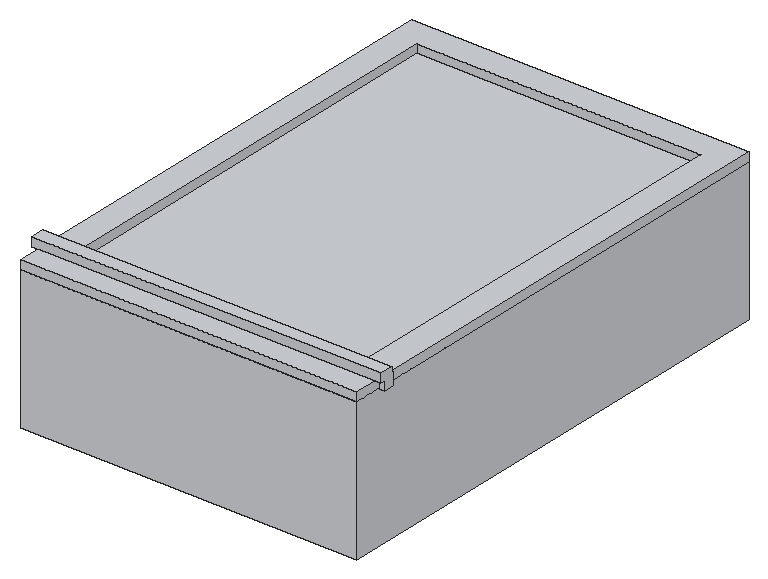
Revit family "719c04ddb7ea4c9bac512da1e5cfa932", category Generic Models, host Face, Revit 2021
Family settings
  Host = Face
  Can host rebar = No
  Round Connector Dimension = Use Diameter
  Part Type = Normal
  Cut with Voids When Loaded = No
  Shared = Yes
  Room Calculation Point = No
Parameters (values of type "with Sill")
  Trim Width = 0' - 2 1/4"
  Trim Thickness_Picture Frame = 0' - 1 1/4"
  Trim Thickness_with Sill = 0' - 0 3/4"
  Trim Material [instance] = none
  Sill Thickness = 0' - 1 1/4"
  Sill = yes
  Picture Frame = no
  Opening Width [instance] = 2' - 0"
  Opening Height [instance] = 3' - 0"
  Default Elevation = 4' - 0"
Types (2): name | Sill | Picture Frame
  with Sill | yes | no
  Picture Frame | no | yes
Reference planes (in)
  plane 1 "Center (Front/Back)": y = 0
  plane 2: z = 0
  plane 3 "Center (Left/Right)": x = 0
  plane 4: y = 2.25
  plane 5 "Left": x = -12
  plane 6 "Right": x = 12
  plane 7 "Bottom": y = -36
  plane 8: y = -37.25
  plane 9: y = -39.12332
  plane 10: x = 14.25
  plane 11: x = -14.25
  plane 12: z = 0.75
  plane 13: z = 1.25
  plane 14: x = 14.75
  plane 15: x = -14.75
  plane 16: y = -36.87332
  plane 17: y = -38.25
  plane 18: z = 0.5
  plane 19: y = -18
  plane 20: z = 1.5
Forms (in)
  Extrusion 1, solid
    sketch origin (0, 0, 0) x (1, 0, 0) y (0, 1, 0)
      loop
        line (-14.25, 2.25) -> (-14.25, -39.12332) -> (14.25, -39.12332) -> (14.25, 2.25) -> (-14.25, 2.25)
    from 0 to -12
  Extrusion 2, solid, material <- "Trim Material", visible <- "Sill"
    sketch origin (0, 0, 0) x (1, 0, 0) y (0, 1, 0)
      loop
        line (-14.25, -36) -> (-12, -36) -> (-12, 0) -> (12, 0) -> (12, -36) -> (14.25, -36) -> (14.25, 2.25) -> (-14.25, 2.25) -> (-14.25, -36)
    from 0 to 0.75
  Extrusion 3, solid, material <- "Trim Material", visible <- "Sill"
    sketch origin (0, 0, 0) x (0, 1, 0) y (0, 0, 1)
      loop
        line (-36.09677, 1.5) -> (-37.25, 1.5) -> (-37.25, 0.75) -> (-36.87332, 0.75) -> (-36.87332, 0) -> (-36, 0) -> (-36, 0.75) -> (-36.09677, 1.5)
    from -14.75 to 14.75
  Extrusion 4, solid, material <- "Trim Material", visible <- "Sill"
    sketch origin (0, 0, 0) x (1, 0, 0) y (0, 1, 0)
      loop
        line (-14.25, -36.87332) -> (-14.25, -39.12332) -> (14.25, -39.12332) -> (14.25, -36.87332) -> (-14.25, -36.87332)
    from 0 to 0.75
  Extrusion 5, solid, material <- "Trim Material", visible <- "Picture Frame"
    sketch origin (0, 0, 0) x (1, 0, 0) y (0, 1, 0)
      loop
        line (-12, 0) -> (-12, -36) -> (12, -36) -> (12, 0) -> (-12, 0)
      loop
        line (-14.25, 2.25) -> (-14.25, -38.25) -> (14.25, -38.25) -> (14.25, 2.25) -> (-14.25, 2.25)
    from 0 to 1.25
Dimensions and locks (in)
  equal spacing: plane 5 "Left", plane 3 "Center (Left/Right)", plane 6 "Right"
  "Opening Width": plane 5 "Left" to plane 6 "Right"
  "Opening Height": plane 7 "Bottom" to plane 1 "Center (Front/Back)"
  "Sill Thickness": plane 7 "Bottom" to plane 8
  "Trim Width": plane 11 to plane 5 "Left"
  "Trim Width": plane 6 "Right" to plane 10
  "Trim Width": plane 1 "Center (Front/Back)" to plane 4
  locked: plane 15 to plane 11 at 0.5
  locked: plane 10 to plane 14 at 0.5
  locked: plane 16 to plane 8 at 0.37668
  "Trim Width": plane 9 to plane 16
  "Trim Width": plane 17 to plane 7 "Bottom"
  locked: plane 18 to plane 2 at 0.5
  equal spacing: plane 7 "Bottom", plane 19, plane 1 "Center (Front/Back)"
  locked: plane 20 to plane 12 at 0.75
  "Trim Thickness_with Sill": plane 12 to plane 2
  "Trim Thickness_Picture Frame": plane 13 to plane 2
  aligned and locked: plane 2 to Extrusion 1
  aligned and locked: level to Extrusion 1
  aligned and locked: Extrusion 2 sketch curve to plane 5 "Left"
  aligned and locked: Extrusion 2 sketch curve to plane 11
  aligned and locked: plane 7 "Bottom" to Extrusion 2 sketch curve  (x2)
  aligned and locked: plane 1 "Center (Front/Back)" to Extrusion 2 sketch curve
  aligned and locked: plane 10 to Extrusion 2 sketch curve
  aligned and locked: Extrusion 2 sketch curve to plane 6 "Right"
  aligned and locked: plane 12 to Extrusion 2
  aligned and locked: Extrusion 3 sketch curve to level
  aligned and locked: plane 7 "Bottom" to Extrusion 3 sketch curve
  aligned and locked: Extrusion 3 sketch curve to plane 8
  aligned and locked: plane 15 to Extrusion 3
  aligned and locked: Extrusion 3 to plane 14
  aligned and locked: plane 10 to Extrusion 4 sketch curve
  aligned and locked: Extrusion 4 sketch curve to plane 11
  aligned and locked: plane 16 to Extrusion 4 sketch curve
  aligned and locked: plane 9 to Extrusion 4 sketch curve
  aligned and locked: Extrusion 4 to Extrusion 2
  aligned and locked: Extrusion 2 sketch curve to plane 4
  aligned and locked: plane 1 "Center (Front/Back)" to Extrusion 5 sketch curve
  aligned and locked: Extrusion 5 sketch curve to plane 4
  aligned and locked: Extrusion 5 sketch curve to plane 17
  aligned and locked: plane 7 "Bottom" to Extrusion 5 sketch curve
  aligned and locked: Extrusion 5 sketch curve to plane 6 "Right"
  aligned and locked: plane 10 to Extrusion 5 sketch curve
  aligned and locked: Extrusion 5 sketch curve to plane 5 "Left"
  aligned and locked: Extrusion 5 sketch curve to plane 11
  aligned and locked: plane 13 to Extrusion 5
  aligned and locked: plane 20 to Extrusion 3
Automatic sketch dimensions
  Extrusion 1 sketch curve to Extrusion 1 sketch curve = 2' - 4 1/2"
  Extrusion 1 sketch curve to Extrusion 1 sketch curve = 3' - 5.37332"
  Extrusion 3 sketch curve to plane 16 = 0' - 0"
  Extrusion 3 sketch curve to plane 12 = 0' - 0"  (x2)
  Extrusion 3 sketch curve to plane 7 "Bottom" = 0' - 0.09677"
  plane 13 to Extrusion 3 sketch curve = 0' - 0 1/4"
